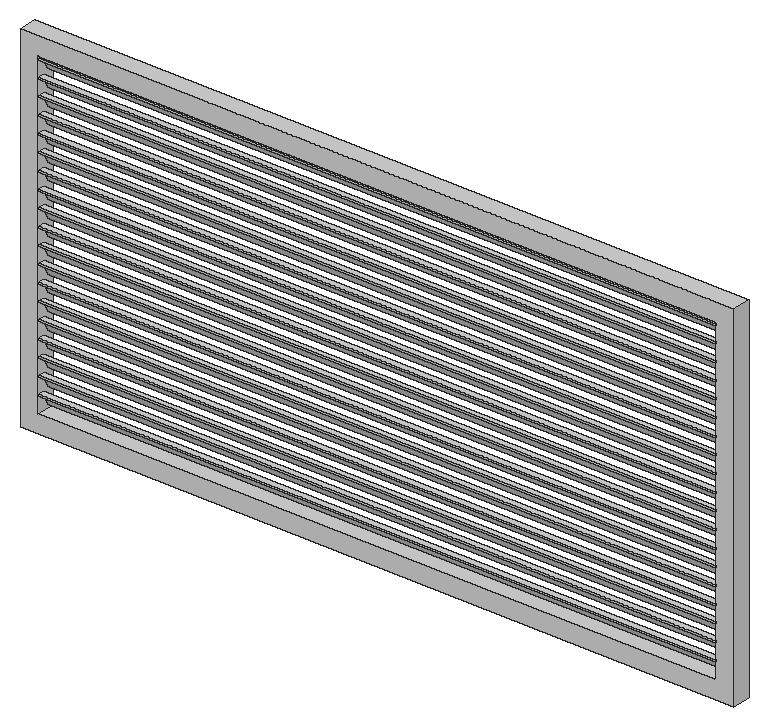
Revit family "WLV_A3-Louvre-(2)", category Specialty Equipment, Revit 2016
Family settings
  Part Type = Undefined
  Round Connector Dimension = Use Diameter
  Work Plane-Based = No
  Always vertical = Yes
  Cut with Voids When Loaded = No
  Shared = No
  Room Calculation Point = No
Parameters (values of type "Louvre")
  Width [instance] = 2000 mm
Reference planes
  plane 1 "Center (Front/Back)": y = 0
  plane 2: z = 0
  plane 3 "Center (Left/Right)": x = 25.317
  plane 4: x = -974.683
  plane 5: x = 1025.317
  plane 6 "Frame ref": y = -25
  plane 7 "Louvre ref": x = -924.683
  plane 8: x = 975.317
Forms (mm)
  Extrusion 1, solid, material "Aluminium frame"
    sketch origin (0, -25, 0) x (-1, 0, 0) y (0, 0, 1)
      loop
        line (974.683, 1000) -> (-1025.317, 1000) -> (-1025.317, 0) -> (974.683, 0) -> (974.683, 1000)
      loop
        line (924.683, 950) -> (-975.317, 950) -> (-975.317, 50) -> (924.683, 50) -> (924.683, 950)
    from 0 to 50
  Sweep 2, solid, material "Aluminium louvre"
    path origin (0, 0, 0) x (1, 0, 0) y (0, 0, 1)
      loop
        line (-924.683, 890) -> (975.317, 890)
    profile origin (25.317, 0, 890) x (0, 0, 1) y (0, -1, 0)
      loop
        line (54.327, 25) -> (49.327, 25) -> (49.327, 11.934) -> (14.01, -6.845) -> (14.01, -25) -> (19.01, -25) -> (19.01, -9.849) -> (54.327, 8.93) -> (54.327, 25)
      loop
        line (7.5, 25) -> (2.5, 25) -> (2.5, 11.934) -> (-32.818, -6.845) -> (-32.818, -25) -> (-27.818, -25) -> (-27.818, -9.849) -> (7.5, 8.93) -> (7.5, 25)
      loop
        line (-39.327, 25) -> (-44.327, 25) -> (-44.327, 11.934) -> (-79.645, -6.845) -> (-79.645, -25) -> (-74.645, -25) -> (-74.645, -9.849) -> (-39.327, 8.93) -> (-39.327, 25)
      loop
        line (-86.155, 25) -> (-91.155, 25) -> (-91.155, 11.934) -> (-126.473, -6.845) -> (-126.473, -25) -> (-121.473, -25) -> (-121.473, -9.849) -> (-86.155, 8.93) -> (-86.155, 25)
      loop
        line (-132.982, 25) -> (-137.982, 25) -> (-137.982, 11.934) -> (-173.3, -6.845) -> (-173.3, -25) -> (-168.3, -25) -> (-168.3, -9.849) -> (-132.982, 8.93) -> (-132.982, 25)
      loop
        line (-179.81, 25) -> (-184.81, 25) -> (-184.81, 11.934) -> (-220.128, -6.845) -> (-220.128, -25) -> (-215.128, -25) -> (-215.128, -9.849) -> (-179.81, 8.93) -> (-179.81, 25)
      loop
        line (-226.637, 25) -> (-231.637, 25) -> (-231.637, 11.934) -> (-266.955, -6.845) -> (-266.955, -25) -> (-261.955, -25) -> (-261.955, -9.849) -> (-226.637, 8.93) -> (-226.637, 25)
      loop
        line (-273.465, 25) -> (-278.465, 25) -> (-278.465, 11.934) -> (-313.783, -6.845) -> (-313.783, -25) -> (-308.783, -25) -> (-308.783, -9.849) -> (-273.465, 8.93) -> (-273.465, 25)
      loop
        line (-320.292, 25) -> (-325.292, 25) -> (-325.292, 11.934) -> (-360.61, -6.845) -> (-360.61, -25) -> (-355.61, -25) -> (-355.61, -9.849) -> (-320.292, 8.93) -> (-320.292, 25)
      loop
        line (-367.12, 25) -> (-372.12, 25) -> (-372.12, 11.934) -> (-407.438, -6.845) -> (-407.438, -25) -> (-402.438, -25) -> (-402.438, -9.849) -> (-367.12, 8.93) -> (-367.12, 25)
      loop
        line (-413.947, 25) -> (-418.947, 25) -> (-418.947, 11.934) -> (-454.265, -6.845) -> (-454.265, -25) -> (-449.265, -25) -> (-449.265, -9.849) -> (-413.947, 8.93) -> (-413.947, 25)
      loop
        line (-460.775, 25) -> (-465.775, 25) -> (-465.775, 11.934) -> (-501.093, -6.845) -> (-501.093, -25) -> (-496.093, -25) -> (-496.093, -9.849) -> (-460.775, 8.93) -> (-460.775, 25)
      loop
        line (-507.602, 25) -> (-512.602, 25) -> (-512.602, 11.934) -> (-547.92, -6.845) -> (-547.92, -25) -> (-542.92, -25) -> (-542.92, -9.849) -> (-507.602, 8.93) -> (-507.602, 25)
      loop
        line (-554.43, 25) -> (-559.43, 25) -> (-559.43, 11.934) -> (-594.748, -6.845) -> (-594.748, -25) -> (-589.748, -25) -> (-589.748, -9.849) -> (-554.43, 8.93) -> (-554.43, 25)
      loop
        line (-601.257, 25) -> (-606.257, 25) -> (-606.257, 11.934) -> (-641.575, -6.845) -> (-641.575, -25) -> (-636.575, -25) -> (-636.575, -9.849) -> (-601.257, 8.93) -> (-601.257, 25)
      loop
        line (-648.085, 25) -> (-653.085, 25) -> (-653.085, 11.934) -> (-688.403, -6.845) -> (-688.403, -25) -> (-683.403, -25) -> (-683.403, -9.849) -> (-648.085, 8.93) -> (-648.085, 25)
      loop
        line (-694.912, 25) -> (-699.912, 25) -> (-699.912, 11.934) -> (-735.23, -6.845) -> (-735.23, -25) -> (-730.23, -25) -> (-730.23, -9.849) -> (-694.912, 8.93) -> (-694.912, 25)
      loop
        line (-741.74, 25) -> (-746.74, 25) -> (-746.74, 11.934) -> (-782.058, -6.845) -> (-782.058, -25) -> (-777.058, -25) -> (-777.058, -9.849) -> (-741.74, 8.93) -> (-741.74, 25)
      loop
        line (-788.567, 25) -> (-793.567, 25) -> (-793.567, 11.934) -> (-828.885, -6.845) -> (-828.885, -25) -> (-823.885, -25) -> (-823.885, -9.849) -> (-788.567, 8.93) -> (-788.567, 25)
Dimensions and locks
  equal spacing: plane 4, plane 3 "Center (Left/Right)", plane 5
  "Width": plane 4 to plane 5
  locked: plane 7 "Louvre ref" to plane 4 at 50
  locked: plane 8 to plane 5 at 50
  aligned and locked: plane 4 to Extrusion 1 sketch curve
  aligned and locked: plane 5 to Extrusion 1 sketch curve
  aligned and locked: plane 7 "Louvre ref" to Sweep 2 sketch curve
  aligned and locked: plane 8 to Sweep 2 sketch curve
Automatic sketch dimensions
  Extrusion 1 sketch curve to level = 0 mm
  Extrusion 1 sketch curve to plane 5 = 50 mm
  plane 4 to Extrusion 1 sketch curve = 50 mm
  level to Extrusion 1 sketch curve = 50 mm
  Extrusion 1 sketch curve to Extrusion 1 sketch curve = 900 mm
  Extrusion 1 sketch curve to Extrusion 1 sketch curve = 50 mm
  level to Sweep 2 sketch curve = 890 mm
  Sweep 2 sketch curve to plane 1 "Center (Front/Back)" = 6.845 mm  (x19)
  profile plane to Sweep 2 sketch curve = 828.885 mm
  Sweep 2 sketch curve to Sweep 2 sketch curve = 5 mm  (x38)
  Sweep 2 sketch curve to Sweep 2 sketch curve = 30.318 mm  (x2)
  Sweep 2 sketch curve to Sweep 2 sketch curve = 6.51 mm  (x17)
  Sweep 2 sketch curve to Sweep 2 sketch curve = 41.827 mm  (x16)
  plane 1 "Center (Front/Back)" to Sweep 2 sketch curve = 8.93 mm  (x18)
  plane 1 "Center (Front/Back)" to Sweep 2 sketch curve = 11.934 mm
  Sweep 2 sketch curve to plane 1 "Center (Front/Back)" = 9.849 mm
  Sweep 2 sketch curve to profile plane = 2.5 mm
  Sweep 2 sketch curve to profile plane = 14.01 mm
  Sweep 2 sketch curve to Sweep 2 sketch curve = 18.155 mm  (x18)
  Sweep 2 sketch curve to Sweep 2 sketch curve = 15.151 mm
  Sweep 2 sketch curve to Sweep 2 sketch curve = 3.004 mm  (x37)
  Sweep 2 sketch curve to Sweep 2 sketch curve = 13.066 mm  (x19)
